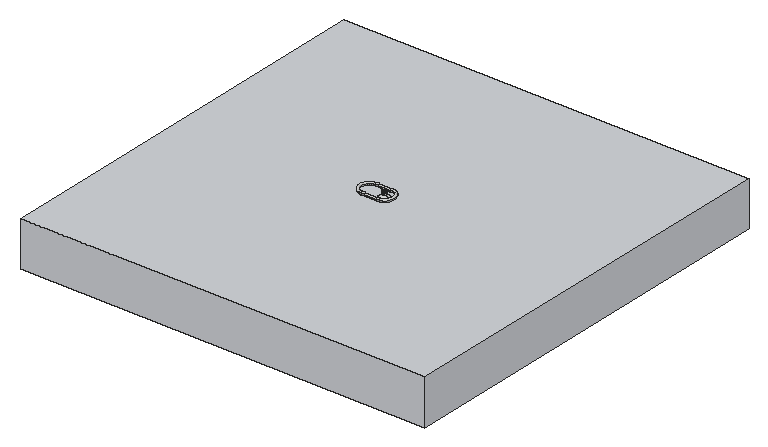
Revit family "Lixil-Grohe-Listra-Towel_Ring-106260_0", category Specialty Equipment, host Face, Revit 2023
Family settings
  Host = Face
  Round Connector Dimension = Use Diameter
  Part Type = Normal
  OmniClass Number = 23.45.55.17
  OmniClass Title = Mixing Faucets
  Enable Cutting in Views = Yes
  Cut with Voids When Loaded = No
  Maintain Annotation Orientation = No
  Shared = No
  Room Calculation Point = No
Parameters (values of type "Listra Towel Ring")
  Width = 8 3/8"  # constant formula
  Height = 5 3/4"  # constant formula
  Warranty URL = "https://www.grohe.us/support/warranty"
  Version = "2023 - v1.0a"  # constant formula
  URL = "https://www.grohe.us"
  Support Phone = "224-699-9545"  # constant formula
  Support Email = "mailto:support@bimsmith.com"
  Product Page URL = "https://www.grohe.us"
  Product Name = "Listra Towel Ring"  # constant formula
  Product Documentation Link = "https://www.grohe.us"
  Model = "106260_0"
  Manufacturer Phone Number = "630-872-5570"  # constant formula
  Manufacturer Email = "https://www.grohe.us"
  Manufacturer Address = "https://www.grohe.us"
  Manufacturer = "LIXIL"  # constant formula
  Keynote = "22 40 00"
  Finish = Metal - Grohe - Chrome
  Description = "Towel Ring"  # constant formula
  Depth = 2 11/16"  # constant formula
  Default Elevation = 0"  # constant formula
  Copyright = "©LIXIL® | All Rights Reserved"  # constant formula
  Collection = "Listra"  # constant formula
  Brand = "Grohe"  # constant formula
  Assembly Code = "D2010400"
Reference planes (in)
  plane 1 "Center (Front/Back)": y = 0
  plane 2: z = -1.26192
  plane 3 "Center (Left/Right)": x = 0
  plane 4: y = -1.19425
  plane 5: y = 1.19246
  plane 6: x = -1.64015
  plane 7: x = 1.64015
  plane 8: z = 1.1779
  plane 9: y = -4.57812
  plane 10: x = -4.19454
  plane 11: x = 4.19454
  plane 12: z = 1.40146
Forms (in)
  Extrusion 1, solid
    sketch origin (0, 0, 0) x (1, 0, 0) y (0, 1, 0)
      loop
        line (-48, 48) -> (-48, -48) -> (48, -48) -> (48, 48) -> (-48, 48)
    from -1.26192 to -12
  Revolve 2, solid, material "Metal - Grohe - Chrome" <- "Finish"
    sketch origin (-0.00184, 0, -1.26192) x (-1, 0, 0) y (0, 0, -1)
      loop
        line (1.19123, 0) -> (-0.00184, 0) -> (-0.00184, -2.43983) -> (0.24229, -2.43983) -> (0.24229, -2.02117)
        arc (0.24229, -2.02117) -> (0.30645, -1.91533) -> (0.42227, -1.87169) r 0.18948
        arc (0.42227, -1.87169) -> (0.44228, -1.86) -> (0.45018, -1.8382) r 0.03404
        line (0.45018, -1.8382) -> (0.45018, -1.74732) -> (0.39926, -1.74732)
        arc (0.39926, -1.74732) -> (0.42011, -1.72692) -> (0.42111, -1.69777) r 0.03921
        arc (0.42111, -1.69777) -> (0.44223, -1.68902) -> (0.45098, -1.6679) r 0.02987
        line (0.45098, -1.6679) -> (0.45098, -1.39711)
        arc (0.45098, -1.39711) -> (0.4434, -1.37881) -> (0.4251, -1.37123) r 0.02588
        arc (0.4251, -1.37123) -> (0.41529, -1.34753) -> (0.39159, -1.33771) r 0.03352
        line (0.39159, -1.33771) -> (0.42704, -1.33771)
        arc (0.42704, -1.33771) -> (0.44658, -1.32962) -> (0.45468, -1.31007) r 0.02764
        line (0.45468, -1.31007) -> (0.45468, -1.11384)
        arc (0.45468, -1.11384) -> (0.58727, -0.68682) -> (0.93841, -0.41001) r 0.75391
        line (0.93841, -0.41001) -> (1.12899, -0.33685)
        arc (1.12899, -0.33685) -> (1.14577, -0.32443) -> (1.15376, -0.30514) r 0.03906
        line (1.15376, -0.30514) -> (1.19123, 0)
      axis (-0.00184, -2.43983) -> (-0.00184, 0)
    angle from 0 to 360
  Extrusion 3, solid, material "Metal - Grohe - Chrome" <- "Finish"
    sketch origin (-0.28543, -180, 7.68218) x (0, 0, 1) y (0, -1, 0)
      loop
        circle (-6.53072, -180) r 0.25
    from -1.48622 to 2.05709
  Extrusion 4, solid, material "Metal - Grohe - Chrome" <- "Finish"
    sketch origin (-0.28543, -184.32812, 7.68218) x (0, 0, 1) y (0, -1, 0)
      loop
        circle (-6.53072, -180) r 0.25
    from -1.48622 to 2.05709
  Sweep 5, solid, material "Metal - Grohe - Chrome" <- "Finish"
    path origin (0, 0, 1.15154) x (0, -1, 0) y (1, 0, 0)
      loop
        arc (0, -1.77165) -> (2.16406, -3.93572) -> (4.32812, -1.77165) r 2.16406
    profile origin (-3.93572, -2.16406, 1.15154) x (1, 0, 0) y (0, 0, 1)
      loop
        circle (0, -0.00008) r 0.25
  Sweep 6, solid, material "Metal - Grohe - Chrome" <- "Finish"
    path origin (0, 0, 1.15154) x (0, -1, 0) y (1, 0, 0)
      loop
        arc (0, 1.77165) -> (2.16406, 3.93572) -> (4.32812, 1.77165) r 2.16406
    profile origin (3.93572, -2.16406, 1.15154) x (1, 0, 0) y (0, 0, 1)
      loop
        circle (0, -0.00008) r 0.25
Cuts and joins
  joined: Extrusion 3, Extrusion 4, Sweep 5, Sweep 6
Dimensions and locks (in)
  aligned and locked: plane 2 to Extrusion 1
